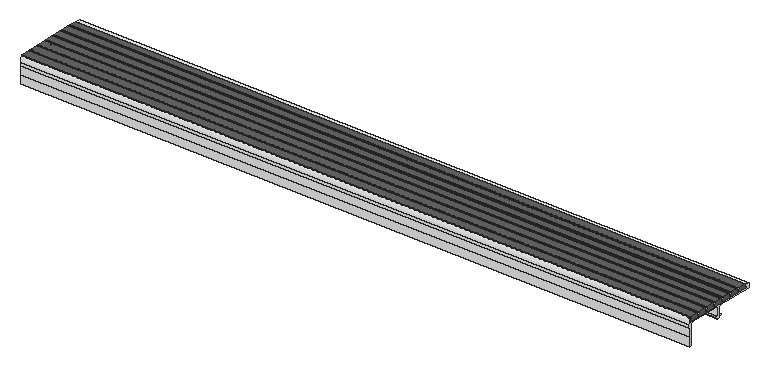
Revit family "Stair_Tread-Wooster-Supergrit_Safety_Treads-242", category Specialty Equipment, host Face, Revit 2017
Family settings
  Host = Face
  Round Connector Dimension = Use Diameter
  Part Type = Normal
  OmniClass Number = 23.30.70.21.11.11.11
  OmniClass Title = Stair Nosings
  Cut with Voids When Loaded = No
  Shared = No
  Room Calculation Point = No
Parameters (values of type "242")
  Width [instance] = 0' - 4"  # constant formula
  Version = "2017 - v2.0a"  # constant formula
  URL = "http://www.wooster-products.com/"
  Support Phone = "(224) 699-9545"  # constant formula
  Support Email = "mailto:support@anguleris.com"
  Safety Tread [instance] = Filler - Wooster - Black - Abrasive Filler
  Product Page URL = "http://www.woosterproducts.com/products/extruded-aluminum/supergrit/"
  Product Name = "Supergrit Nosings / Warning Strips"  # constant formula
  Product Documentation Link = "http://www.woosterproducts.com/spec/242.pdf"
  Model = "242"
  Material = ""
  Manufacturer Phone Number = "1-800-321-4936 or 330-264-2844"  # constant formula
  Manufacturer Fax Number = "330-262-4151"  # constant formula
  Manufacturer Email = "mailto:tim@wooster-products.com"
  Manufacturer Address = "1000 Spruce Street, P.O. BOX 6005, Wooster, OH. 44691"  # constant formula
  Manufacturer = "Wooster Productions Inc"  # constant formula
  Length Constraint [instance] = if(Length > 12' 0", 12' 0", Length)  # 3' - 0"
  Length [instance] = 3' - 0"
  Description = "Anti-Slip Stair Nosing"  # constant formula
  Depth = 0' - 0 1/4"  # constant formula
  Default Elevation = 0' - 0"  # constant formula
  Copyright = "Wooster Products Inc. 2019"  # constant formula
  Construction Type = "New Construction"  # constant formula
Values of the unnamed type that differ from the named types
  Support Email = ""
  Product Page URL = "http://www.wooster-products.com/Supergrit_Safety_Treads.html"
  Product Documentation Link = "http://wooster-products.com/pub/Specs/242.pdf"
  Manufacturer Email = ""
Reference planes (in)
  plane 1 "Center (Front/Back)": y = 0
  plane 2: z = 0
  plane 3 "Center (Left/Right)": x = 0
  plane 4 "Left": x = -18
  plane 5 "Right": x = 18
  plane 6 "Back": y = 2
  plane 7 "Front": y = -2
  plane 8 "Bottom": z = -0.23438
  plane 9: z = 0.01562
Forms (in)
  Sweep 1, void
    path origin (0, 24.0597, 0.01562) x (0, 1, 0) y (-1, 0, 0)
      loop
        line (-22.0597, 18) -> (-22.0597, -18)
    profile "Void : Void" origin (0, 2, 0.01562) x (0, 1, 0) y (0, 0, 1)
      loop
        line (0, -0.25002) -> (0, 0) -> (-3.97571, 0) -> (-3.97571, -1.37509) -> (-3.85071, -1.37509) -> (-3.85071, -0.31252)
        arc (-3.85071, -0.31252) -> (-3.8324, -0.26833) -> (-3.78821, -0.25002) r 0.0625
        line (-3.78821, -0.25002) -> (0, -0.25002)
  Sweep 2, solid, material "Metal - Wooster - Extruded Aluminum"
    path origin (0, 24.0597, 0.01562) x (0, 1, 0) y (-1, 0, 0)
      loop
        line (-22.0597, 18) -> (-22.0597, -18)
    profile "Aluminum Base : Aluminum Base" origin (0, 2, 0.01562) x (0, 1, 0) y (0, 0, 1)
      loop
        line (0, -0.25002) -> (0, 0) -> (-0.216, 0) -> (-0.18539, -0.18753) -> (-0.65759, -0.18752) -> (-0.62698, 0) -> (-0.75198, 0) -> (-0.72137, -0.18753) -> (-1.1936, -0.18752) -> (-1.16299, 0) -> (-1.28799, 0) -> (-1.25738, -0.18753) -> (-1.72958, -0.18751) -> (-1.69901, 0) -> (-1.824, 0) -> (-1.7934, -0.18753) -> (-2.26559, -0.18753) -> (-2.23498, 0) -> (-2.35999, 0) -> (-2.32938, -0.18749) -> (-2.8016, -0.18749) -> (-2.771, 0) -> (-2.896, 0) -> (-2.86539, -0.18752) -> (-3.33759, -0.18752) -> (-3.30698, 0) -> (-3.43198, 0) -> (-3.4014, -0.18752) -> (-3.86807, -0.18752) -> (-3.84341, -0.03621)
        arc (-3.84341, -0.03621) -> (-3.86432, -0.00299) -> (-3.90117, -0.01651) r 0.03121
        arc (-3.90117, -0.01651) -> (-3.95633, -0.15806) -> (-3.97571, -0.30874) r 0.62502
        line (-3.97571, -0.30874) -> (-3.97571, -0.45909) -> (-3.94446, -0.45909) -> (-3.94446, -0.91709) -> (-3.91321, -0.91709) -> (-3.91321, -1.37509) -> (-3.85071, -1.37509) -> (-3.85071, -0.31252)
        arc (-3.85071, -0.31252) -> (-3.8324, -0.26833) -> (-3.78821, -0.25002) r 0.0625
        line (-3.78821, -0.25002) -> (-2.12371, -0.25002)
        arc (-2.12371, -0.25002) -> (-2.07954, -0.26832) -> (-2.06125, -0.31249) r 0.06246
        line (-2.06125, -0.31249) -> (-2.06125, -0.76971) -> (-2.18597, -0.66998) -> (-2.18625, -0.74992) -> (-2.03, -0.87504) -> (-1.87375, -0.74993) -> (-1.87375, -0.66976) -> (-1.99875, -0.76971) -> (-1.99875, -0.31254)
        arc (-1.99875, -0.31254) -> (-1.98044, -0.26833) -> (-1.93623, -0.25002) r 0.06252
        line (-1.93623, -0.25002) -> (0, -0.25002)
  Sweep 3, solid, material "Filler - Wooster - Black - Abrasive Filler" <- "Safety Tread"
    path origin (0, 24.0597, 0.01562) x (0, 1, 0) y (-1, 0, 0)
      loop
        line (-22.0597, 18) -> (-22.0597, -18)
    profile "Abrasive Filler : Abrasive Filler" origin (0, 2, 0.01562) x (0, 1, 0) y (0, 0, 1)
      loop
        line (-0.65759, -0.18752) -> (-0.18539, -0.18753) -> (-0.216, 0) -> (-0.216, 0.03125) -> (-0.62698, 0.03125) -> (-0.62698, 0) -> (-0.65759, -0.18752)
      loop
        line (-1.1936, -0.18752) -> (-0.72137, -0.18753) -> (-0.75198, 0) -> (-0.75198, 0.03125) -> (-1.16299, 0.03125) -> (-1.16299, 0) -> (-1.1936, -0.18752)
      loop
        line (-1.25738, -0.18753) -> (-1.28799, 0) -> (-1.28799, 0.03125) -> (-1.69901, 0.03125) -> (-1.69901, 0) -> (-1.72958, -0.18751) -> (-1.25738, -0.18753)
      loop
        line (-2.23498, 0) -> (-2.26559, -0.18753) -> (-1.7934, -0.18753) -> (-1.824, 0) -> (-1.824, 0.03125) -> (-2.23498, 0.03125) -> (-2.23498, 0)
      loop
        line (-2.32938, -0.18749) -> (-2.35999, 0) -> (-2.35999, 0.03125) -> (-2.771, 0.03125) -> (-2.771, 0) -> (-2.8016, -0.18749) -> (-2.32938, -0.18749)
      loop
        line (-3.30698, 0) -> (-3.33759, -0.18752) -> (-2.86539, -0.18752) -> (-2.896, 0) -> (-2.896, 0.03125) -> (-3.30698, 0.03125) -> (-3.30698, 0)
      loop
        line (-3.86807, -0.18752) -> (-3.4014, -0.18752) -> (-3.43198, 0) -> (-3.43198, 0.03125) -> (-3.84345, 0.03125) -> (-3.84335, -0.03586) -> (-3.86807, -0.18752)
Lines and regions (in)
  Masking region 1
    outline origin (0, 0, 0) x (1, 0, 0) y (0, 1, 0)
      loop
        line (-18, 2) -> (-18, -2) -> (18, -2) -> (18, 2) -> (-18, 2)
Dimensions and locks (in)
  equal spacing: plane 4 "Left", plane 3 "Center (Left/Right)", plane 5 "Right"
  "Length Constraint": plane 4 "Left" to plane 5 "Right"
  equal spacing: plane 7 "Front", plane 1 "Center (Front/Back)", plane 6 "Back"
  "Width": plane 7 "Front" to plane 6 "Back"
  "Depth": plane 9 to plane 8 "Bottom"
  locked: plane 2 to plane 8 "Bottom" at 0.23438
  aligned and locked: plane 2 to host face
  aligned and locked: level to host face
  aligned and locked: plane 5 "Right" to Sweep 1 sketch curve
  aligned and locked: plane 4 "Left" to Sweep 1 sketch curve
  aligned and locked: Sweep 1 sketch curve to plane 6 "Back"
  aligned and locked: Sweep 2 sketch curve to plane 6 "Back"
  aligned and locked: plane 5 "Right" to Sweep 2 sketch curve
  aligned and locked: plane 4 "Left" to Sweep 2 sketch curve
  aligned and locked: Sweep 3 sketch curve to plane 6 "Back"
  aligned and locked: plane 5 "Right" to Sweep 3 sketch curve
  aligned and locked: plane 4 "Left" to Sweep 3 sketch curve
  aligned and locked: plane 4 "Left" to Masking region 1 sketch curve
  aligned and locked: Masking region 1 sketch curve to plane 7 "Front"
  aligned and locked: plane 5 "Right" to Masking region 1 sketch curve
  aligned and locked: Masking region 1 sketch curve to plane 6 "Back"
Automatic sketch dimensions
  host sketch curve to host sketch curve = 8' - 0"
  host sketch curve to host sketch curve = 4' - 0"
  plane 7 "Front" to Masking region 1 sketch curve = 0' - 0"
